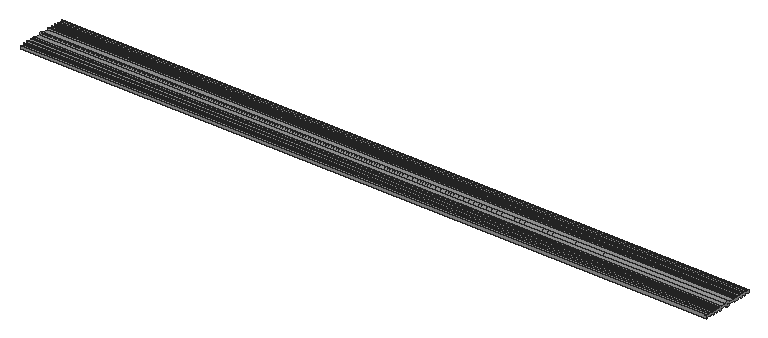
Revit family "PVC401_4 inch RCB Taper PVC Waterstop", category Specialty Equipment, Revit 2019
Family settings
  Round Connector Dimension = Use Diameter
  Part Type = Normal
  OmniClass Number = 23.10.00.00
  OmniClass Title = Site Products
  Cut with Voids When Loaded = No
  Shared = No
  Room Calculation Point = No
Parameters (values of type "PVC401 - Horizontal")
  z_Vertical = no
  z_Left Cut Distance [instance] = if([Left Cut 45° Tee-Cross], 0.00", 3.00")  # 3.00"
  z_Horizontal = yes
  z_Distance 3 [instance] = if(Ellbow Cut, 4.00", 15.00")  # 15.00"
  z_Distance 2 [instance] = if(and(Corner Cut, z_Vertical), 0.44", 5.00")  # 5.00"
  z_Distance 1 [instance] = if([Right Cut 45° Tee-Cross], 5.00", 10.00")  # 10.00"
  z_Distance [instance] = if([Left Cut 45° Tee-Cross], 5.00", 10.00")  # 10.00"
  z_Cut Distance [instance] = if(z_Distance 2 = 0.44", 0.44", 0.00")  # 0.00"
  Width = 4.00"
  Weight = "0.43 lbs/lft"
  URL = "https://www.jpspecialties.com/"
  z_Right Cut Distance [instance] = if([Right Cut 45° Tee-Cross], 0.00", 3.00")  # 3.00"
  Telephone = "951-763-7077"
  Right Cut 45° Tee-Cross [instance] = no
  Product data url = "www.bimmodeller.com/jpspecialties/products/Polyvinyl-Chloride-PVC-Waterstop"
  Product Material = JP Specialties - Polyvinyl Chloride (PVC)
  Product Guid = "27e5cdcc-cece-4d8c-947d-ca6b8ef269ba"  # constant formula
  NOTE [instance] = "Elbow Cut and Tee-Cross cuts cannot be checked at the same time"  # constant formula
  Model = "PVC401"
  Materials = PVC
  Manufacturer = "J P Specialties Inc."  # constant formula
  built-in parameter 1001306 [instance] = 48.00"
  Left Cut 45° Tee-Cross [instance] = no
  z_Ellbow Cut Distance [instance] = if(Ellbow Cut, 0.00", 3.00")  # 3.00"
  z_Ellbow Cut Sweep Distance [instance] = if(Ellbow Cut, 3.00", 0.00")  # 0.00"
  Hydrophobic = "Yes"
  Hydrophilic = "No"
  Height = 0.38"
  Ellbow Cut [instance] = no
  Keynote = "13000"
  Edition number = 1
  Description = "PVC401 is 4\" x 3/16\" x 50' Earth Shield PVC ribbed centerbulb taper waterstop."
  Corner Cut [instance] = no
  Certifications = "NSF 61, NSF 372, CRD C-572-74, ASTM D516"
  Assembly Code = "F1030"
Types (2): name | z_Vertical | z_Horizontal
  PVC401 - Horizontal | no | yes
  PVC401 - Vertical | yes | no
Reference planes (in)
  plane 1 "Center (Front/Back)": y = 0
  plane 2: z = 0
  plane 3 "Left": x = 0
  plane 4 "Right": x = 48
  plane 5: y = 3
  plane 6: y = -3
  plane 7: z = -1
  plane 8: z = 10
  plane 9: z = -10
  plane 10: x = 48
  plane 11: z = 15
  plane 12: x = -5
  plane 13: x = 0
  plane 14: y = 4.75
Forms (in)
  Extrusion 1, void
    sketch origin (0, 0, 0) x (1, 0, 0) y (0, 1, 0)
      loop
        line (48, 0) -> (48, 4.75) -> (43.25, 4.75) -> (48, 0)
    from 2 to 12
  Extrusion 2, void
    sketch origin (0, 0, 0) x (1, 0, 0) y (0, 1, 0)
      loop
        line (51, -2.00082) -> (51, 4.75) -> (44.24918, 4.75) -> (51, -2.00082)
    from 2 to 12
  Extrusion 3, void
    sketch origin (0, 0, 0) x (1, 0, 0) y (0, 1, 0)
      loop
        line (48, 0) -> (43.5, -4.5) -> (48, -4.5) -> (48, 0)
    from 2 to 12
  Extrusion 4, void
    sketch origin (0, 0, 0) x (1, 0, 0) y (0, 0, 1)
      loop
        line (48, 5.05025) -> (48, 10) -> (43.05025, 10) -> (48, 5.05025)
    from -8.21469 to 12
  Extrusion 5, void
    sketch origin (0, 0, 0) x (1, 0, 0) y (0, 0, 1)
      loop
        line (48, -5) -> (43, -10) -> (48, -10) -> (48, -5)
    from -8.21469 to 12
  Extrusion 6, void
    sketch origin (0, 0, 0) x (1, 0, 0) y (0, 0, 1)
      loop
        line (48, 13) -> (41.25, 6.25) -> (48, 6.25) -> (48, 13)
    from -8.21469 to 12
  Extrusion 7, void
    sketch origin (0, 0, 0) x (1, 0, 0) y (0, 1, 0)
      loop
        line (-5, -4.5025) -> (4.2525, 4.75) -> (-5, 4.75) -> (-5, -4.5025)
    from -8.14882 to 12
  Sweep 8, solid, material "PVC" <- "Materials", visible <- "z_Horizontal"
    path origin (0, 0, 0) x (1, 0, 0) y (0, 1, 0)
      loop
        line (-5, 0.00016) -> (48, 0.00016)
    profile "PVC401.dwg : PVC401.dwg" origin (21.5, 0.00016, 0) x (0, 1, 0) y (0, 0, 1)
      loop
        circle (0, 0) r 0.09393
      loop
        line (-2.00098, 0.125) -> (-2.00098, -0.125) -> (-1.96974, -0.12549) -> (-1.90626, -0.06398) -> (-1.68754, -0.06742) -> (-1.65728, -0.1304) -> (-1.62603, -0.13089) -> (-1.5938, -0.06889) -> (-1.37508, -0.07232) -> (-1.34481, -0.13531) -> (-1.31357, -0.1358) -> (-1.28134, -0.0738) -> (-1.06262, -0.07723) -> (-1.03235, -0.14022) -> (-1.00111, -0.14071) -> (-0.96888, -0.07871) -> (-0.75015, -0.08214) -> (-0.71989, -0.14512) -> (-0.68864, -0.14562) -> (-0.65642, -0.08361) -> (-0.16374, -0.09135)
        arc (-0.16374, -0.09135) -> (0, -0.18751) -> (0.16374, -0.09135) r 0.1875
        line (0.16374, -0.09135) -> (0.65642, -0.08361) -> (0.68864, -0.14562) -> (0.71989, -0.14512) -> (0.75015, -0.08214) -> (0.96888, -0.07871) -> (1.00111, -0.14071) -> (1.03235, -0.14022) -> (1.06262, -0.07723) -> (1.28134, -0.0738) -> (1.31357, -0.1358) -> (1.34481, -0.13531) -> (1.37508, -0.07232) -> (1.5938, -0.06889) -> (1.62603, -0.13089) -> (1.65728, -0.1304) -> (1.68754, -0.06742) -> (1.90626, -0.06398) -> (1.96974, -0.12549) -> (2.00098, -0.125) -> (2.00098, 0.125) -> (1.96974, 0.12549) -> (1.90626, 0.06398) -> (1.68754, 0.06742) -> (1.65728, 0.1304) -> (1.62603, 0.13089) -> (1.5938, 0.06889) -> (1.37508, 0.07232) -> (1.34481, 0.13531) -> (1.31357, 0.1358) -> (1.28134, 0.0738) -> (1.06262, 0.07723) -> (1.03235, 0.14022) -> (1.00111, 0.14071) -> (0.96888, 0.07871) -> (0.75015, 0.08214) -> (0.71989, 0.14513) -> (0.68864, 0.14562) -> (0.65642, 0.08361) -> (0.16374, 0.09135)
        arc (0.16374, 0.09135) -> (0, 0.18751) -> (-0.16374, 0.09135) r 0.1875
        line (-0.16374, 0.09135) -> (-0.65642, 0.08361) -> (-0.68864, 0.14562) -> (-0.71989, 0.14513) -> (-0.75015, 0.08214) -> (-0.96888, 0.07871) -> (-1.00111, 0.14071) -> (-1.03235, 0.14022) -> (-1.06262, 0.07723) -> (-1.28134, 0.0738) -> (-1.31357, 0.1358) -> (-1.34481, 0.13531) -> (-1.37508, 0.07232) -> (-1.5938, 0.06889) -> (-1.62603, 0.13089) -> (-1.65728, 0.1304) -> (-1.68754, 0.06742) -> (-1.90626, 0.06398) -> (-1.96974, 0.12549) -> (-2.00098, 0.125)
  Sweep 9, solid, material "PVC" <- "Materials", visible <- "z_Vertical"
    path origin (0, 0, 0) x (1, 0, 0) y (0, 1, 0)
      loop
        line (-5, 0) -> (48, 0)
    profile "PVC401.dwg : PVC401.dwg" origin (21.5, 0, 0) x (0, 1, 0) y (0, 0, 1)
      loop
        circle (0.00041, 0.00041) r 0.09393
      loop
        line (0.12524, 2.0014) -> (-0.12476, 2.00138) -> (-0.12525, 1.97014) -> (-0.06373, 1.90667) -> (-0.06715, 1.68794) -> (-0.13013, 1.65767) -> (-0.13062, 1.62643) -> (-0.06862, 1.59421) -> (-0.07203, 1.37548) -> (-0.13501, 1.34521) -> (-0.1355, 1.31397) -> (-0.0735, 1.28174) -> (-0.07691, 1.06302) -> (-0.1399, 1.03275) -> (-0.14038, 1.0015) -> (-0.07838, 0.96928) -> (-0.0818, 0.75056) -> (-0.14478, 0.72029) -> (-0.14527, 0.68904) -> (-0.08326, 0.65682) -> (-0.09096, 0.16415)
        arc (-0.09096, 0.16415) -> (-0.1871, 0.00039) -> (-0.09093, -0.16334) r 0.1875
        line (-0.09093, -0.16334) -> (-0.08315, -0.65601) -> (-0.14515, -0.68825) -> (-0.14465, -0.71949) -> (-0.08167, -0.74975) -> (-0.07821, -0.96848) -> (-0.14021, -1.00071) -> (-0.13972, -1.03195) -> (-0.07673, -1.06221) -> (-0.07328, -1.28094) -> (-0.13528, -1.31317) -> (-0.13478, -1.34442) -> (-0.0718, -1.37468) -> (-0.06834, -1.5934) -> (-0.13034, -1.62563) -> (-0.12985, -1.65688) -> (-0.06686, -1.68714) -> (-0.06341, -1.90586) -> (-0.12491, -1.96934) -> (-0.12442, -2.00059) -> (0.12558, -2.00056) -> (0.12607, -1.96932) -> (0.06455, -1.90585) -> (0.06797, -1.68712) -> (0.13095, -1.65685) -> (0.13144, -1.62561) -> (0.06944, -1.59339) -> (0.07285, -1.37466) -> (0.13583, -1.34439) -> (0.13632, -1.31315) -> (0.07432, -1.28092) -> (0.07773, -1.0622) -> (0.14071, -1.03193) -> (0.1412, -1.00068) -> (0.0792, -0.96846) -> (0.08262, -0.74974) -> (0.1456, -0.71947) -> (0.14608, -0.68822) -> (0.08408, -0.656) -> (0.09178, -0.16333)
        arc (0.09178, -0.16333) -> (0.18792, 0.00043) -> (0.09175, 0.16416) r 0.1875
        line (0.09175, 0.16416) -> (0.08397, 0.65683) -> (0.14597, 0.68907) -> (0.14547, 0.72031) -> (0.08249, 0.75057) -> (0.07903, 0.96929) -> (0.14103, 1.00153) -> (0.14054, 1.03277) -> (0.07755, 1.06303) -> (0.0741, 1.28176) -> (0.1361, 1.31399) -> (0.1356, 1.34524) -> (0.07262, 1.37549) -> (0.06916, 1.59422) -> (0.13116, 1.62645) -> (0.13067, 1.6577) -> (0.06768, 1.68796) -> (0.06423, 1.90668) -> (0.12573, 1.97016) -> (0.12524, 2.0014)
Cuts and joins
  Extrusion 1, Extrusion 2, Extrusion 3 cuts Sweep 8
  Extrusion 4, Extrusion 5, Extrusion 6 cuts Sweep 9
Lines and regions (in)
  reference lines
    curve 1: line (0, 0, 0) -> (48, 0, 0)
Dimensions and locks (in)
  "built-in parameter 1001306": plane 3 "Left" to plane 4 "Right"
  equal spacing: plane 5, plane 1 "Center (Front/Back)", plane 6
  locked: plane 5 to plane 6 at 6
  locked: Extrusion 1 sketch curve to plane 4 "Right" at 4.75
  locked: plane 2 to plane 7 at 1
  "z_Left Cut Distance": Extrusion 1 to plane 7
  locked: Extrusion 2 sketch curve to plane 4 "Right" at 3.75082
  locked: Extrusion 2 sketch curve to plane 5 at 5.00082
  "z_Ellbow Cut Distance": Extrusion 2 to plane 7
  locked: plane 4 "Right" to Extrusion 2 sketch curve at 3
  locked: Extrusion 3 sketch curve to plane 4 "Right" at 4.5
  locked: plane 6 to Extrusion 3 sketch curve at 3
  "z_Right Cut Distance": Extrusion 3 to plane 7
  "z_Distance": plane 8 to plane 2
  locked: plane 8 to Extrusion 4 sketch curve at 4.94975
  "z_Distance 1": plane 2 to plane 9
  locked: Extrusion 5 sketch curve to plane 9 at 5
  "z_Ellbow Cut Sweep Distance": plane 10 to plane 4 "Right"
  "z_Distance 3": plane 11 to plane 2
  "z_Distance 2": plane 12 to plane 3 "Left"
  locked: plane 1 "Center (Front/Back)" to Extrusion 7 sketch curve at 4.75
  "z_Cut Distance": plane 13 to plane 3 "Left"
  locked: plane 12 to Extrusion 7 sketch curve at 9.2525
  locked: plane 5 to plane 14 at 1.75
  plane 11 to Extrusion 6 sketch curve to Extrusion 6 sketch curve = 2.00" locked, 6.75" locked
  locked: plane 10 to Extrusion 6 sketch curve at 6.75
  locked: plane 4 "Right" to Extrusion 1 sketch curve (angle 45.00°)
  locked: plane 4 "Right" to Extrusion 2 sketch curve (angle 45.00°)
  locked: Extrusion 3 sketch curve to plane 4 "Right" (angle 45.00°)
  locked: plane 4 "Right" to Extrusion 4 sketch curve (angle 45.00°)
  angle Extrusion 5 sketch curve to plane 4 "Right" = 45.00°
  locked: Extrusion 6 sketch curve to Extrusion 6 sketch curve (angle 45.00°)
  locked: Extrusion 7 sketch curve to plane 12 (angle 45.00°)
  aligned and locked: plane 4 "Right" to curve 1
  aligned and locked: plane 1 "Center (Front/Back)" to curve 1
  aligned and locked: plane 3 "Left" to curve 1
  aligned and locked: level to plane 2
  aligned and locked: Extrusion 1 sketch curve to plane 4 "Right"
  aligned and locked: plane 1 "Center (Front/Back)" to Extrusion 1 sketch curve
  aligned and locked: Extrusion 4 sketch curve to plane 8
  aligned and locked: Extrusion 4 sketch curve to plane 4 "Right"
  aligned and locked: plane 4 "Right" to Extrusion 5 sketch curve  (x2)
  aligned and locked: plane 9 to Extrusion 5 sketch curve
  aligned and locked: plane 10 to Extrusion 6 sketch curve
  aligned and locked: plane 12 to Sweep 8 sketch curve
  aligned and locked: plane 10 to Sweep 8 sketch curve
  aligned and locked: plane 10 to Extrusion 3 sketch curve
  aligned and locked: plane 14 to Extrusion 1 sketch curve
  aligned and locked: plane 12 to Sweep 9 sketch curve
  aligned and locked: plane 1 "Center (Front/Back)" to Sweep 9 sketch curve
  aligned and locked: plane 10 to Sweep 9 sketch curve
  aligned and locked: plane 12 to Extrusion 7 sketch curve
Automatic sketch dimensions
  Sweep 8 sketch curve to plane 1 "Center (Front/Back)" = 0.00016"
